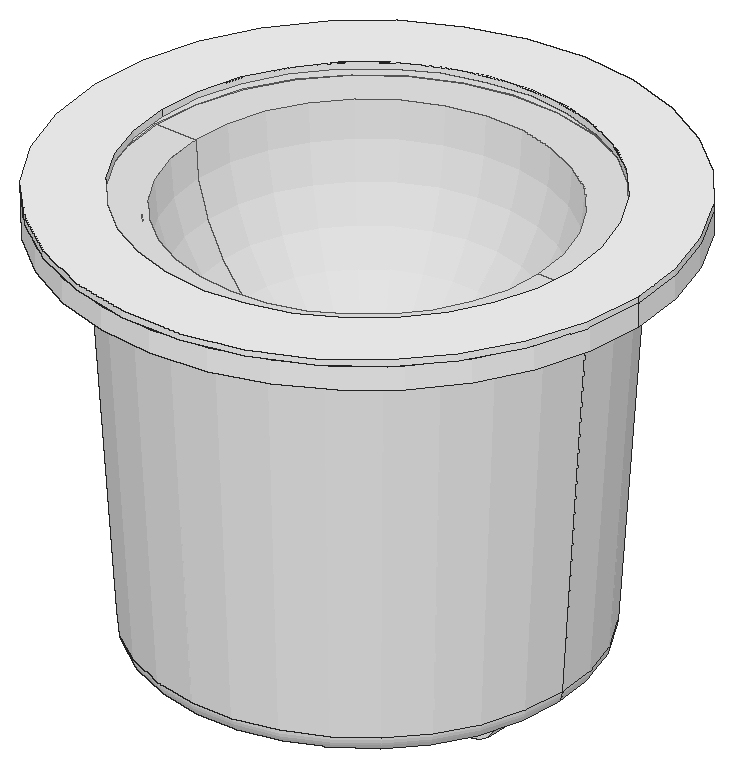
Revit family "2059243", category Lighting Fixtures, host Face, Revit 2018
Family settings
  Host = Face
  Round Connector Dimension = Use Diameter
  Part Type = Normal
  OmniClass Number = 23.80.70.11.17
  OmniClass Title = Specialized Lighting by Location or Use
  Cut with Voids When Loaded = No
  Light Source = Yes
  Shared = No
  Room Calculation Point = No
Parameters (values of type "2059243 MYRIAD DECO IP65 SP 3K PHD EM SI WBEZ")
  Weight = "n/a"
  Wattage = 15 W
  WarrantyStartDate [instance] = "n/a"
  WarrantyGuarantorParts = "n/a"
  WarrantyDurationUnit = "n/a"
  WarrantyDurationParts = ""
  WarrantyDescription = "http://www.sylvania-lighting.com"
  built-in parameter 1150110 = 1 (stored number, unit not read)
  Voltage = 230 V
  URL = "0"
  TypeName = "MYRIAD DECO IP65 SPOT 3000K PHDM EM SILVER WBEZ"
  Type Image = 0
  Type Comments = ""
  built-in parameter 1114217 = 1 (stored number, unit not read)
  Tilt Angle = -90°
  built-in parameter 1150109 = 1 (stored number, unit not read)
  built-in parameter 1150134 = (empty or 0)
  built-in parameter 1150113 = 1 (stored number, unit not read)
  SerialNumber [instance] = "n/a"
  Reflector Radius = Cutout Diameter / 2 - 2.5 mm  # 35.0 mm
  Reflector Material = Aluminum_Sylvania_Myriad_Bright
  Recessed Depth = Height  # 72.0 mm
  PowerFactor = 0
  PowerConsumption = "Lighting"
  Photometric Web File = "2059243.ies"
  NominalWidth = 0.0 mm
  NominalLength = 76.0 mm
  NominalHeight = 72.0 mm
  Name = "MYRIAD DECO IP65 SPOT 3000K PHDM EM SILVER WBEZ"
  ModelReference = "MYRIAD DECO IP65 SPOT 3000K PHDM EM SILVER WBEZ"
  ModelNumber = "2059243"
  Material = "Feilo Sylvania"
  ManufacturerName = "92 lm/W"
  LuminousEfficacy = ""
  LuminaireType = "0"
  LightOutputRatio = "LED"
  LampsType = Lamp  # "n/a"
  LampNominalLuminous = "3000 K"
  LampMacAdamStep = "90"
  LampColourTemperature = "LED"
  LampColourRenderingIndex = "16500"
  Keynote = "n/a"
  Keynote_2 = "16500"
  InstallationDate [instance] = "n/a"
  InputVoltage = "0"
  InputNominalFrequency = "3000"
  IngressProtection = "IfcLightFixtureType"
  ImpactProtectionIndex = "IfcLightFixtureType"
  IfcExportType = "IfcLightFixtureType"
  IfcExportAs = "Class II"
  Height = 72.0 mm  # constant formula
  ExpectedLife = 50000
  Emit from Circle Diameter = Accessory Inner Diameter 2  # 68.0 mm
  Emit Shape Visible in Rendering = no
  ElectricShockClassification = "92"
  DurationUnit = "hours"
  DocumentationLiterature = "http://www.sylvania-lighting.com/product/en-int/products/2059243"
  DimmingControlOptions = "n/a"
  Diffuser Material = Glass_Sylvania_Myriad_Clear_4000K
  Diffuser Diameter = Cutout Diameter  # 75.0 mm
  Cutout Diameter = 75.0 mm  # constant formula
  CreatedOn = "03/02/2022"
  CreatedBy = "@sylvania-lighting.com"
  Cost = 0
  built-in parameter 1114216 [instance] = 1 (stored number, unit not read)
  Model = "MYRIAD DECO IP65 SPOT 3000K PHDM EM SILVER WBEZ"
  Manufacturer = "Feilo Sylvania"  # constant formula
  built-in parameter 1150105 = 83.556 (stored number, unit not read)
  Lumens = 1050 lm
  built-in parameter 1150115 = 1 (stored number, unit not read)
  built-in parameter 1150137 = (empty or 0)
  built-in parameter 1150139 = (empty or 0)
  built-in parameter 1150112 = 1 (stored number, unit not read)
  built-in parameter 1150114 = 1 (stored number, unit not read)
  Lamp = "n/a"
  built-in parameter 1150132 = (empty or 0)
  built-in parameter 1150102 = (empty or 0)
  built-in parameter 1150107 = 2700 (stored number, unit not read)
  built-in parameter 1150138 = (empty or 0)
  built-in parameter 1150106 = 0.83556 (stored number, unit not read)
  built-in parameter 1150104 = 6.5032 (stored number, unit not read)
  Dimming Lamp Color Temperature Shift = <None>
  Description = "Supplied complete with electronic control gear Compact Fluorescent low energy downlight Emergency version passes through the cut out Ideal for low level orientation lighting New range of Architectural accessories each providing a different lit dimension New completely flush plaster up accessory ring for clean ceiling lines and smooth finish Order lamp separately"  # constant formula
  Default Elevation = 0.0 mm
  Color Filter = 16777215
  built-in parameter 1140040 [instance] = 1
  Body Radius = Reflector Radius + 1.5 mm  # 36.5 mm
  Body Material = Aluminum_Sylvania_Myriad_Gray
  BarCode [instance] = "n/a"
  built-in parameter 1114218 = 1 (stored number, unit not read)
  built-in parameter 1150133 = 10 (stored number, unit not read)
  AssetType = "Fixed"
  AssetIdentifier [instance] = "n/a"
  Assembly Code = "D5020200"
  Apparent Load = 12 VA
  Accessory Material = Aluminum_Sylvania_Myriad_White
  Accessory Inner Diameter 2 = Accessory Diameter - 22.0 mm  # 68.0 mm
  Accessory Inner Diameter 1 = Accessory Diameter - 2.0 mm  # 88.0 mm
  Accessory Diameter = Cutout Diameter + 15.0 mm  # 90.0 mm
Reference planes
  plane 1 "Center (Front/Back)": y = 0
  plane 2: z = 0
  plane 3 "Center (Left/Right)": x = 0
  plane 4: z = 2
  plane 5 "Fixture Bottom": z = 4.5
  plane 6: z = -28.5
  plane 7: z = -61.5
  plane 8 "Fixture Top": z = -67.5
  plane 9: z = 3.5
Forms (mm)
  Revolve 1, solid, material "Aluminum_Sylvania_Myriad_Bright" <- "Reflector Material", detail levels fine
    sketch origin (0, 0, 0) x (1, 0, 0) y (0, 0, 1)
      loop
        line (0, -27.515) -> (-6, -27.515)
        arc (-6, -27.515) -> (-22.333, -16.632) -> (-28.5, 2) r 30.135
        line (-28.5, 2) -> (-35, 2) -> (-35, 0) -> (-29.184, 0)
        arc (-29.184, 0) -> (-22.423, -18.18) -> (-6, -28.5) r 30.204
        line (-6, -28.5) -> (0, -28.5) -> (0, -27.515)
      axis (0, -28.5) -> (0, 2)
    angle from 0 to 360
  Revolve 2, solid, material "Aluminum_Sylvania_Myriad_Gray" <- "Body Material", detail levels fine
    sketch origin (0, 0, 0) x (1, 0, 0) y (0, 0, 1)
      loop
        line (-44, 2) -> (-44, 0) -> (-36.5, 0) -> (-32.42, -58.708)
        arc (-32.42, -58.708) -> (-31.474, -60.694) -> (-29.428, -61.5) r 3
        line (-29.428, -61.5) -> (0, -61.5) -> (0, -28.5) -> (-6, -28.5)
        arc (-6, -28.5) -> (-22.423, -18.18) -> (-29.184, 0) r 30.204
        line (-29.184, 0) -> (-35, 0) -> (-35, 2) -> (-44, 2)
      axis (0, 2) -> (0, -61.5)
    angle from 0 to 360
  Extrusion 3, solid, material "Aluminum_Sylvania_Myriad_Gray" <- "Body Material", detail levels fine
    sketch origin (0, 0, 0) x (1, 0, 0) y (0, 0, 1)
      loop
        line (-13.5, -67.5) -> (21, -67.5)
        arc (21, -67.5) -> (23.828, -66.328) -> (25, -63.5) r 4
        line (25, -63.5) -> (25, -61.5) -> (-17.5, -61.5) -> (-17.5, -63.5)
        arc (-17.5, -63.5) -> (-16.328, -66.328) -> (-13.5, -67.5) r 4
    from -4.5 to 4.5
  Extrusion 4, solid, material "Aluminum_Sylvania_Myriad_White" <- "Accessory Material", detail levels fine
    sketch origin (0, 0, 0) x (1, 0, 0) y (0, 1, 0)
      loop
        circle (0, 0) r 45
      loop
        circle (0, 0) r 44
    from 0 to 3.5
  Extrusion 5, solid, material "Aluminum_Sylvania_Myriad_White" <- "Accessory Material", detail levels fine
    sketch origin (0, 0, 0) x (1, 0, 0) y (0, 1, 0)
      loop
        circle (0, 0) r 45
      loop
        circle (0, 0) r 34
    from 3.5 to 4.5
  Extrusion 6, solid, material "Aluminum_Sylvania_Myriad_White" <- "Accessory Material", detail levels coarse+medium
    sketch origin (0, 0, 0) x (1, 0, 0) y (0, 1, 0)
      loop
        circle (0, 0) r 45
    from 0 to 4.5
  Revolve 7, solid, detail levels coarse+medium
    sketch origin (0, 0, 0) x (1, 0, 0) y (0, 0, 1)
      loop
        line (36.5, 0) -> (0, 0) -> (0, -61.5) -> (32.226, -61.5) -> (36.5, 0)
      axis (0, 0) -> (0, -61.5)
    angle from 0 to 360
  Extrusion 8, void
    sketch origin (0, 0, 0) x (1, 0, 0) y (0, 1, 0)
      loop
        circle (0, 0) r 37.5
    from -67.5 to 0
  Extrusion 9, solid, material "Glass_Sylvania_Myriad_Clear_4000K" <- "Diffuser Material", detail levels fine
    sketch origin (0, 0, 0) x (1, 0, 0) y (0, 1, 0)
      loop
        circle (0, 0) r 37.5
    from 2 to 3.5
Cuts and joins
  joined: Extrusion 4, Extrusion 5
Lines and regions (mm)
  Masking region 1
    outline origin (0, 0, 0) x (1, 0, 0) y (0, 1, 0)
      loop
        circle (0, 0) r 45
  symbolic lines
    curve 1: arc (-34, 0, 0) -> (0, 34, 0) -> (34, 0, 0) r 34
    curve 2: arc (34, 0, 0) -> (0, -34, 0) -> (-34, 0, 0) r 34
Dimensions and locks
  locked: plane 7 to plane 8 "Fixture Top" at 6
  "Body Radius": Revolve 7 sketch curve to plane 3 "Center (Left/Right)"
  locked: Revolve 7 sketch curve to Revolve 7 sketch curve at 4.274
  plane 5 "Fixture Bottom" to plane 9 to plane 4 to plane 2 to plane 6 = 1.0 mm locked, 1.5 mm locked, 2.0 mm locked, 28.5 mm locked
  "Reflector Radius": Revolve 1 sketch curve to plane 3 "Center (Left/Right)"
  Revolve 1 sketch curve to Revolve 1 sketch curve to Revolve 1 sketch curve to Revolve 1 sketch curve = 6.5 mm locked, 22.5 mm locked, 0.0 mm locked
  "Reflector Radius": plane 3 "Center (Left/Right)" to Revolve 2 sketch curve
  Revolve 2 sketch curve to Revolve 2 sketch curve to Revolve 2 sketch curve = 7.5 mm locked, 1.5 mm locked
  Revolve 2 sketch curve to Revolve 2 sketch curve to Revolve 2 sketch curve = 5.816 mm locked, 23.184 mm locked
  Revolve 2 sketch curve to Revolve 2 sketch curve to Revolve 2 sketch curve = 2.58 mm locked, 2.993 mm locked
  "Accessory Diameter": diameter of Extrusion 4 sketch curve
  "Accessory Inner Diameter 1": diameter of Extrusion 4 sketch curve
  "Accessory Diameter": diameter of Extrusion 5 sketch curve
  "Accessory Diameter": diameter of Extrusion 6 sketch curve
  "Cutout Diameter": diameter of Extrusion 8 sketch curve
  "Accessory Inner Diameter 2": diameter of Extrusion 5 sketch curve
  "Diffuser Diameter": diameter of Extrusion 9 sketch curve
  aligned and locked: plane 2 to host face
  aligned and locked: level to host face
  aligned and locked: plane 1 "Center (Front/Back)" to imposter light
  aligned and locked: plane 3 "Center (Left/Right)" to imposter light
  aligned and locked: Revolve 1 sketch curve to imposter light
  aligned and locked: Extrusion 3 sketch curve to plane 8 "Fixture Top"
  aligned and locked: plane 7 to Extrusion 3 sketch curve
  aligned and locked: Extrusion 4 to plane 2
  aligned and locked: plane 9 to Extrusion 4
  aligned and locked: Extrusion 5 to plane 9
  aligned and locked: plane 5 "Fixture Bottom" to Extrusion 5
  aligned and locked: Extrusion 6 to plane 2
  aligned and locked: plane 5 "Fixture Bottom" to Extrusion 6
  aligned and locked: Extrusion 8 to plane 8 "Fixture Top"
  aligned and locked: plane 2 to Extrusion 8
  aligned and locked: Masking region 1 sketch curve to Extrusion 6  (x2)
  aligned and locked: Extrusion 9 to plane 4
  aligned and locked: plane 9 to Extrusion 9
  aligned and locked: plane 4 to Revolve 2 sketch curve
  aligned and locked: Revolve 2 sketch curve to plane 2
  aligned and locked: curve 1 to cut or joined group of Extrusion 4, Extrusion 5
  aligned and locked: curve 2 to cut or joined group of Extrusion 4, Extrusion 5
  aligned and locked: imposter light to plane 5 "Fixture Bottom"
Automatic sketch dimensions
  host sketch curve to host sketch curve = 1305.563 mm
  host sketch curve to host sketch curve = 1283.632 mm
  Extrusion 3 sketch curve to plane 7 = 2.0 mm
  Extrusion 3 sketch curve to plane 3 "Center (Left/Right)" = 13.5 mm
  plane 3 "Center (Left/Right)" to Extrusion 3 sketch curve = 21.0 mm
  Extrusion 3 sketch curve to Extrusion 3 sketch curve = 4.0 mm
  Revolve 1 sketch curve to level = 0.0 mm
  Revolve 1 sketch curve to plane 3 "Center (Left/Right)" = 0.0 mm
  Revolve 1 sketch curve to plane 6 = 0.0 mm
  Revolve 1 sketch curve to plane 4 = 0.0 mm
  Revolve 1 sketch curve to Revolve 1 sketch curve = 0.684 mm
  level to Revolve 1 sketch curve = 0.88 mm
  Revolve 1 sketch curve to plane 4 = 0.363 mm
  Revolve 1 sketch curve to Revolve 1 sketch curve = 0.625 mm
  Revolve 1 sketch curve to plane 8 "Fixture Top" = 232.8 mm
  plane 5 "Fixture Bottom" to Revolve 1 sketch curve = 291.243 mm
  Revolve 2 sketch curve to plane 3 "Center (Left/Right)" = 0.0 mm  (x2)
  Revolve 2 sketch curve to plane 7 = 0.0 mm
  Revolve 2 sketch curve to plane 6 = 0.0 mm
  Revolve 2 sketch curve to level = 0.0 mm
  level to Revolve 2 sketch curve = 0.88 mm
  plane 7 to Revolve 2 sketch curve = 2.792 mm
  Revolve 2 sketch curve to plane 8 "Fixture Top" = 304.774 mm
  plane 5 "Fixture Bottom" to Revolve 2 sketch curve = 1137.105 mm
  Extrusion 4 sketch curve to Extrusion 4 sketch curve = 0.0 mm  (x2)
  plane 1 "Center (Front/Back)" to Extrusion 4 sketch curve = 0.0 mm
  Extrusion 4 sketch curve to plane 3 "Center (Left/Right)" = 0.0 mm
  Extrusion 5 sketch curve to Extrusion 5 sketch curve = 0.0 mm  (x2)
  plane 1 "Center (Front/Back)" to Extrusion 5 sketch curve = 0.0 mm
  Extrusion 5 sketch curve to plane 3 "Center (Left/Right)" = 0.0 mm
  plane 1 "Center (Front/Back)" to Extrusion 6 sketch curve = 0.0 mm
  Extrusion 6 sketch curve to plane 3 "Center (Left/Right)" = 0.0 mm
  Revolve 7 sketch curve to level = 0.0 mm
  Revolve 7 sketch curve to plane 3 "Center (Left/Right)" = 0.0 mm  (x2)
  Revolve 7 sketch curve to plane 7 = 0.0 mm
  Revolve 7 sketch curve to plane 8 "Fixture Top" = 304.774 mm
  plane 5 "Fixture Bottom" to Revolve 7 sketch curve = 43.226 mm
  plane 1 "Center (Front/Back)" to Extrusion 8 sketch curve = 0.0 mm
  Extrusion 8 sketch curve to plane 3 "Center (Left/Right)" = 0.0 mm
  plane 1 "Center (Front/Back)" to Extrusion 9 sketch curve = 0.0 mm
  Extrusion 9 sketch curve to plane 3 "Center (Left/Right)" = 0.0 mm
Connectors
  electrical at (-0.006, -0.019, -67.5), driven by "Apparent Load", driven by "Apparent Load"
    settings: on plane 8 "Fixture Top", index 1, voltage 230 V, apparent load 12 VA, apparent load phase1 12 VA, apparent load phase2 0 VA, apparent load phase3 0 VA, power factor 1, load classification "Lighting", number of poles 1, system type 30, power factor state 1, is connector primary yes, connector utility no, sub classification motor no, connector description ""
